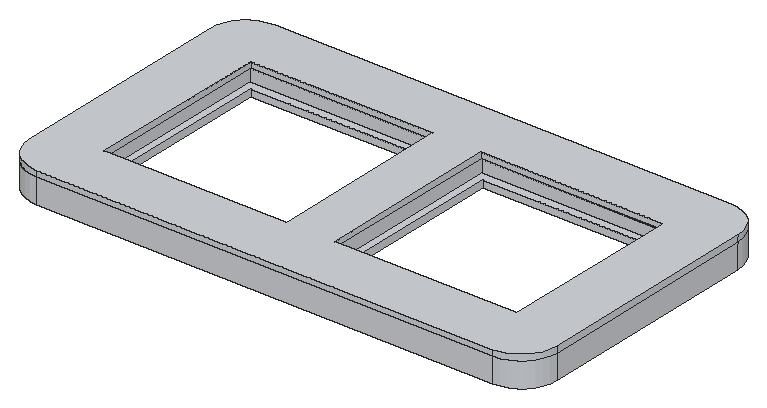
Revit family "Gira_0212411", category Electrical Fixtures, host Face, Revit 2017
Family settings
  Host = Face
  Maintain Annotation Orientation = No
  Round Connector Dimension = Use Diameter
  Part Type = Normal
  Cut with Voids When Loaded = No
  Shared = No
  Room Calculation Point = No
Parameters (values of type "Cov.fr. 2-g Gira E3 light grey/p.white")
  URL = "http://katalog.gira.de/en/datenblatt.html?artikelnr=0212411"
  Transparent = "No"
  Name = "Cov.fr. 2-g Gira E3 light grey/p.white"
  Manufacturer URL = "https://www.gira.de/"
  Manufacturer = "Gira"
  Keynote = ""
  HeinzeBIM = "https://bimportal.heinze.de/bim/cov-fr-2-g-gira-e3-light-grey-p-white/03575f1731285ea3ab523887f7db8af48c310f0a"
  HAN = "0212411"
  GTIN = "4010337023784"
  Description = "Cov.fr.2g E3 LgyRw,Gira E3 cover frame,light grey soft touch with pure white glossy intermediate frame,2-gang,Features:,- Shatter-proof.,,Notes :,- Soft-touch surface,- NCS value: approx. NCS S-2000 N"
  Default Elevation = 1219.2 mm
  Data sheet (1) = "https://katalog.gira.de/en/download.html?artikelnr=0212411"
  Category = "Cover frame for domestic switching devices"
  BIM (1) = "https://media.stage.bim.site/public/gira/36a6b08/E3_Rahmen_2fach.rfa"
  Available = "No"
Reference planes
  plane 1 "Center (Front/Back)": y = 0
  plane 2: z = 0
  plane 3 "Center (Left/Right)": x = 0
Forms (mm)
  Extrusion 1, solid, detail levels fine
    sketch origin (0, 0, 0) x (1, 0, 0) y (0, 1, 0)
      loop
        arc (-70.35, 45.809) -> (-78.134, 42.585) -> (-81.359, 34.8) r 11.009
        line (-81.359, 34.8) -> (-81.359, -34.8)
        arc (-81.359, -34.8) -> (-78.134, -42.585) -> (-70.35, -45.809) r 11.009
        line (-70.35, -45.809) -> (70.35, -45.809)
        arc (70.35, -45.809) -> (78.135, -42.585) -> (81.359, -34.8) r 11.009
        line (81.359, -34.8) -> (81.359, 34.8)
        arc (81.359, 34.8) -> (78.135, 42.585) -> (70.35, 45.809) r 11.009
        line (70.35, 45.809) -> (-70.35, 45.809)
      loop
        line (-7.45, 28.187) -> (-63.706, 28.187) -> (-63.706, -28.187) -> (-7.45, -28.187) -> (-7.45, 28.187)
      loop
        line (7.45, 28.187) -> (7.45, -28.187) -> (63.706, -28.187) -> (63.706, 28.187) -> (7.45, 28.187)
    from 7.65 to 9.5
  Extrusion 2, solid, detail levels fine
    sketch origin (-35.75, 0, 0) x (1, 0, 0) y (0, 1, 0)
      loop
        line (25.7, 25.7) -> (-25.7, 25.7) -> (-25.7, -25.7) -> (25.7, -25.7) -> (25.7, 25.7)
      loop
        line (-28.187, -28.156) -> (28.187, -28.156) -> (28.187, 28.156) -> (-28.187, 28.156) -> (-28.187, -28.156)
    from 1.65 to 3.9
  Extrusion 3, solid, detail levels fine
    sketch origin (0, 0, 0) x (1, 0, 0) y (0, 1, 0)
      loop
        arc (-70.35, 45.809) -> (-78.134, 42.585) -> (-81.359, 34.8) r 11.009
        line (-81.359, 34.8) -> (-81.359, -34.8)
        arc (-81.359, -34.8) -> (-78.134, -42.585) -> (-70.35, -45.809) r 11.009
        line (-70.35, -45.809) -> (70.35, -45.809)
        arc (70.35, -45.809) -> (78.135, -42.585) -> (81.359, -34.8) r 11.009
        line (81.359, -34.8) -> (81.359, 34.8)
        arc (81.359, 34.8) -> (78.135, 42.585) -> (70.35, 45.809) r 11.009
        line (70.35, 45.809) -> (-70.35, 45.809)
      loop
        line (-79.393, 34.785) -> (-79.393, -34.785)
        arc (-79.393, -34.785) -> (-76.739, -41.19) -> (-70.334, -43.843) r 9.058
        line (-70.334, -43.843) -> (70.335, -43.843)
        arc (70.335, -43.843) -> (76.74, -41.19) -> (79.393, -34.785) r 9.058
        line (79.393, -34.785) -> (79.393, 34.785)
        arc (79.393, 34.785) -> (76.74, 41.19) -> (70.335, 43.843) r 9.058
        line (70.335, 43.843) -> (-70.334, 43.843)
        arc (-70.334, 43.843) -> (-76.739, 41.19) -> (-79.393, 34.785) r 9.058
    from 0 to 7.65
  Extrusion 4, solid, detail levels fine
    sketch origin (0, 0, 0) x (1, 0, 0) y (0, 1, 0)
      loop
        line (-62.956, -31.075) -> (62.956, -31.075)
        arc (62.956, -31.075) -> (65.599, -29.98) -> (66.694, -27.337) r 3.739
        line (66.694, -27.337) -> (66.694, 27.337)
        arc (66.694, 27.337) -> (65.599, 29.98) -> (62.956, 31.075) r 3.739
        line (62.956, 31.075) -> (-62.956, 31.075)
        arc (-62.956, 31.075) -> (-65.599, 29.98) -> (-66.694, 27.337) r 3.739
        line (-66.694, 27.337) -> (-66.694, -27.337)
        arc (-66.694, -27.337) -> (-65.599, -29.98) -> (-62.956, -31.075) r 3.739
      loop
        line (-65.544, 27.537) -> (-65.544, -27.537)
        arc (-65.544, -27.537) -> (-64.845, -29.226) -> (-63.156, -29.925) r 2.389
        line (-63.156, -29.925) -> (63.156, -29.925)
        arc (63.156, -29.925) -> (64.845, -29.226) -> (65.544, -27.537) r 2.389
        line (65.544, -27.537) -> (65.544, 27.537)
        arc (65.544, 27.537) -> (64.845, 29.226) -> (63.156, 29.925) r 2.389
        line (63.156, 29.925) -> (-63.156, 29.925)
        arc (-63.156, 29.925) -> (-64.845, 29.226) -> (-65.544, 27.537) r 2.389
    from 1.65 to 7.65
  Extrusion 5, solid, detail levels fine
    sketch origin (0, 0, 0) x (1, 0, 0) y (0, 1, 0)
      loop
        line (-67.617, -39.8) -> (67.617, -39.8)
        arc (67.617, -39.8) -> (73.232, -36.708) -> (75.464, -30.7) r 9.2
        line (75.464, -30.7) -> (75.464, 30.7)
        arc (75.464, 30.7) -> (72.77, 37.205) -> (66.264, 39.9) r 9.2
        line (66.264, 39.9) -> (-66.264, 39.9)
        arc (-66.264, 39.9) -> (-72.77, 37.205) -> (-75.464, 30.7) r 9.2
        line (-75.464, 30.7) -> (-75.464, -30.7)
        arc (-75.464, -30.7) -> (-73.232, -36.708) -> (-67.617, -39.8) r 9.2
      loop
        line (-66.264, -31.7) -> (66.264, -31.7)
        arc (66.264, -31.7) -> (66.972, -31.407) -> (67.264, -30.7) r 1
        line (67.264, -30.7) -> (67.264, 30.7)
        arc (67.264, 30.7) -> (66.972, 31.407) -> (66.264, 31.7) r 1
        line (66.264, 31.7) -> (-66.264, 31.7)
        arc (-66.264, 31.7) -> (-66.972, 31.407) -> (-67.264, 30.7) r 1
        line (-67.264, 30.7) -> (-67.264, -30.7)
        arc (-67.264, -30.7) -> (-66.972, -31.407) -> (-66.264, -31.7) r 1
    from 1.65 to 3.9
  Extrusion 6, solid, detail levels fine
    sketch origin (-35.75, 0, 0) x (1, 0, 0) y (0, 1, 0)
      loop
        line (-28.187, 28.156) -> (-28.187, -28.156) -> (28.187, -28.156) -> (28.187, 28.156) -> (-28.187, 28.156)
      loop
        line (-29.925, 29.925) -> (-29.925, -29.925) -> (29.925, -29.925) -> (29.925, 29.925) -> (-29.925, 29.925)
    from 1.65 to 7.65
  Extrusion 7, solid, detail levels coarse+medium
    sketch origin (0, 0, 0) x (1, 0, 0) y (0, 1, 0)
      loop
        line (-81.359, 45.809) -> (-81.359, -45.809) -> (81.359, -45.809) -> (81.359, 45.809) -> (-81.359, 45.809)
    from 0 to 9.5
  Extrusion 8, solid, detail levels fine
    sketch origin (35.75, 0, 0) x (-1, 0, 0) y (0, -1, 0)
      loop
        line (25.7, -25.7) -> (25.7, 25.7) -> (-25.7, 25.7) -> (-25.7, -25.7) -> (25.7, -25.7)
      loop
        line (-28.187, 28.156) -> (-28.187, -28.156) -> (28.187, -28.156) -> (28.187, 28.156) -> (-28.187, 28.156)
    from 1.65 to 3.9
  Extrusion 9, solid, detail levels fine
    sketch origin (35.75, 0, 0) x (-1, 0, 0) y (0, -1, 0)
      loop
        line (-28.187, -28.156) -> (28.187, -28.156) -> (28.187, 28.156) -> (-28.187, 28.156) -> (-28.187, -28.156)
      loop
        line (-29.925, -29.925) -> (29.925, -29.925) -> (29.925, 29.925) -> (-29.925, 29.925) -> (-29.925, -29.925)
    from 1.65 to 7.65
Dimensions and locks
  aligned and locked: plane 2 to host face
  aligned and locked: level to host face
